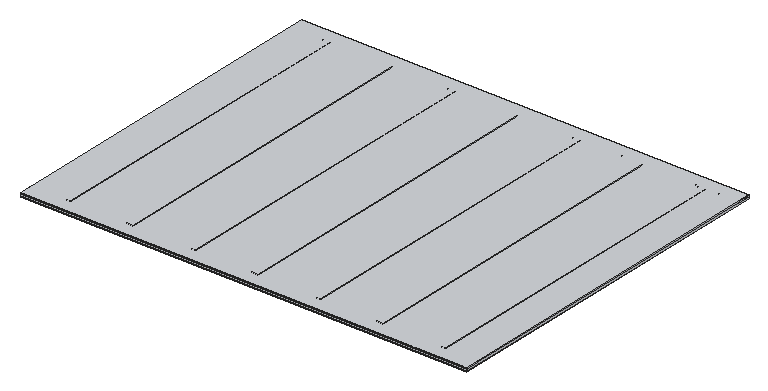
Revit family "GIS_BuildingRoof_MV", category Modelos genéricos, Revit 2027
Family settings
  Pode hospedar o vergalhão = Não
  Cota do conector redondo = Utilizar diâmetro
  Tipo de parte = Normal
  Com base no plano de trabalho = Não
  Sempre na vertical = Sim
  Corte com vazios quando carregada = Não
  Manter orientação da anotação = Não
  Compartilhado = Não
  Ponto de cálculo do ambiente = Não
Parameters (values of type "ROOF_MV_23M_EST")
  Elevação padrão = 0 mm
  BIM_TensaoSecundaria_kV = 0
  BIM_TensaoNominal_kV = 0
  BIM_TensaoClasse_kV = 0
  BIM_TensaoClasseSecundaria_kV = 0
  BIM_Sistema_Elemento [instance] = ""
  BIM_ReferenciaCatalogo = "Portfolio estimate; structural design, HVAC and weatherproofing pending"
  BIM_Profundidade = 18600 mm
  BIM_Potencia_MVA = 0
  BIM_Localizacao [instance] = ""
  BIM_Largura = 23600 mm
  BIM_Impedancia_pu = 0
  BIM_FonteGeometria = "Portfolio estimate; structural design, HVAC and weatherproofing pending"
  BIM_Fabricante = "NAO SELECIONADO"
  BIM_EstadoGeometria = "ESTIMATED"
  BIM_EstadoEspecificacao = "PREMISSA / NAO SELECIONADO"
  BIM_DescricaoEstudo = "Cobertura conceitual para edificio de cubiculos; estrutura, cargas, ventilacao e impermeabilizacao pendentes."
  BIM_CorrenteReferenciaSecundaria_A = 0
  BIM_CorrenteNominal_A = 0
  BIM_Bay [instance] = ""
  BIM_AlturaCorpoPrincipal = 180 mm
  BIM_Altura = 180 mm
Reference planes
  plane 1 "Centro (Frente/Trás)": y = 0
  plane 2: z = 0
  plane 3 "Centro (Esquerda/Direita)": x = 0
  plane 4 "BIM Left": x = -11800
  plane 5 "BIM Right": x = 11800
  plane 6 "BIM Front": y = -9300
  plane 7 "BIM Back": y = 9300
Forms (mm)
  Extrusion 1, solid
    sketch origin (0, 0, 0) x (1, 0, 0) y (0, 1, 0)
      loop
        line (-11800, -9300) -> (11800, -9300) -> (11800, 9300) -> (-11800, 9300) -> (-11800, -9300)
    from 0 to 180 <- "BIM_AlturaCorpoPrincipal"
  Extrusion 2, solid
    sketch origin (0, 0, 14.4) x (1, 0, 0) y (0, 1, 0)
      loop
        line (-11800, -9300) -> (11800, -9300) -> (11800, 9300) -> (-11800, 9300) -> (-11800, -9300)
    from 0 to 93.6
  Extrusion 3, solid
    sketch origin (0, 0, 108) x (1, 0, 0) y (0, 1, 0)
      loop
        line (-10079.4, -8556) -> (-9744.6, -8556) -> (-9744.6, 8556) -> (-10079.4, 8556) -> (-10079.4, -8556)
    from 0 to 61.2
  Extrusion 4, solid
    sketch origin (0, 0, 108) x (1, 0, 0) y (0, 1, 0)
      loop
        line (-6775.4, -8556) -> (-6440.6, -8556) -> (-6440.6, 8556) -> (-6775.4, 8556) -> (-6775.4, -8556)
    from 0 to 61.2
  Extrusion 5, solid
    sketch origin (0, 0, 108) x (1, 0, 0) y (0, 1, 0)
      loop
        line (-3471.4, -8556) -> (-3136.6, -8556) -> (-3136.6, 8556) -> (-3471.4, 8556) -> (-3471.4, -8556)
    from 0 to 61.2
  Extrusion 6, solid
    sketch origin (0, 0, 108) x (1, 0, 0) y (0, 1, 0)
      loop
        line (-167.4, -8556) -> (167.4, -8556) -> (167.4, 8556) -> (-167.4, 8556) -> (-167.4, -8556)
    from 0 to 61.2
  Extrusion 7, solid
    sketch origin (0, 0, 108) x (1, 0, 0) y (0, 1, 0)
      loop
        line (3136.6, -8556) -> (3471.4, -8556) -> (3471.4, 8556) -> (3136.6, 8556) -> (3136.6, -8556)
    from 0 to 61.2
  Extrusion 8, solid
    sketch origin (0, 0, 108) x (1, 0, 0) y (0, 1, 0)
      loop
        line (6440.6, -8556) -> (6775.4, -8556) -> (6775.4, 8556) -> (6440.6, 8556) -> (6440.6, -8556)
    from 0 to 61.2
  Extrusion 9, solid
    sketch origin (0, 0, 108) x (1, 0, 0) y (0, 1, 0)
      loop
        line (9744.6, -8556) -> (10079.4, -8556) -> (10079.4, 8556) -> (9744.6, 8556) -> (9744.6, -8556)
    from 0 to 61.2
  Extrusion 10, solid
    sketch origin (0, 0, 108) x (1, 0, 0) y (0, 1, 0)
      loop
        line (-11800, -9300) -> (11800, -9300) -> (11800, -8649) -> (-11800, -8649) -> (-11800, -9300)
    from 0 to 61.2
  Extrusion 11, solid
    sketch origin (0, 0, 108) x (1, 0, 0) y (0, 1, 0)
      loop
        line (-11800, 8649) -> (11800, 8649) -> (11800, 9300) -> (-11800, 9300) -> (-11800, 8649)
    from 0 to 61.2
Dimensions and locks
  "BIM_Largura": plane 4 "BIM Left" to plane 5 "BIM Right"
  "BIM_Profundidade": plane 6 "BIM Front" to plane 7 "BIM Back"
  aligned and locked: level to plane 2
  aligned and locked: plane 4 "BIM Left" to Extrusion 1
  aligned and locked: Extrusion 1 to plane 5 "BIM Right"
  aligned and locked: Extrusion 1 to plane 6 "BIM Front"
  aligned and locked: plane 7 "BIM Back" to Extrusion 1
Automatic sketch dimensions
  Extrusion 1 sketch curve to plane 4 "BIM Left" = 0 mm
  Extrusion 1 sketch curve to plane 5 "BIM Right" = 0 mm
  Extrusion 1 sketch curve to plane 6 "BIM Front" = 0 mm
  Extrusion 1 sketch curve to plane 7 "BIM Back" = 0 mm
  Extrusion 2 sketch curve to plane 4 "BIM Left" = 0 mm
  Extrusion 2 sketch curve to plane 5 "BIM Right" = 0 mm
  Extrusion 2 sketch curve to plane 6 "BIM Front" = 0 mm
  Extrusion 2 sketch curve to plane 7 "BIM Back" = 0 mm
  plane 6 "BIM Front" to Extrusion 3 sketch curve = 744 mm
  Extrusion 3 sketch curve to plane 4 "BIM Left" = 1720.6 mm
  Extrusion 3 sketch curve to Extrusion 3 sketch curve = 334.8 mm
  Extrusion 3 sketch curve to plane 7 "BIM Back" = 744 mm
  plane 6 "BIM Front" to Extrusion 4 sketch curve = 744 mm
  Extrusion 4 sketch curve to plane 4 "BIM Left" = 5024.6 mm
  Extrusion 4 sketch curve to Extrusion 4 sketch curve = 334.8 mm
  Extrusion 4 sketch curve to plane 7 "BIM Back" = 744 mm
  plane 6 "BIM Front" to Extrusion 5 sketch curve = 744 mm
  Extrusion 5 sketch curve to plane 3 "Centro (Esquerda/Direita)" = 3471.4 mm
  Extrusion 5 sketch curve to Extrusion 5 sketch curve = 334.8 mm
  Extrusion 5 sketch curve to plane 7 "BIM Back" = 744 mm
  Extrusion 6 sketch curve to plane 3 "Centro (Esquerda/Direita)" = 167.4 mm
  plane 3 "Centro (Esquerda/Direita)" to Extrusion 6 sketch curve = 167.4 mm
  plane 6 "BIM Front" to Extrusion 6 sketch curve = 744 mm
  Extrusion 6 sketch curve to plane 7 "BIM Back" = 744 mm
  plane 6 "BIM Front" to Extrusion 7 sketch curve = 744 mm
  plane 3 "Centro (Esquerda/Direita)" to Extrusion 7 sketch curve = 3136.6 mm
  Extrusion 7 sketch curve to Extrusion 7 sketch curve = 334.8 mm
  Extrusion 7 sketch curve to plane 7 "BIM Back" = 744 mm
  plane 6 "BIM Front" to Extrusion 8 sketch curve = 744 mm
  plane 5 "BIM Right" to Extrusion 8 sketch curve = 5359.4 mm
  Extrusion 8 sketch curve to Extrusion 8 sketch curve = 334.8 mm
  Extrusion 8 sketch curve to plane 7 "BIM Back" = 744 mm
  plane 6 "BIM Front" to Extrusion 9 sketch curve = 744 mm
  plane 5 "BIM Right" to Extrusion 9 sketch curve = 2055.4 mm
  Extrusion 9 sketch curve to Extrusion 9 sketch curve = 334.8 mm
  Extrusion 9 sketch curve to plane 7 "BIM Back" = 744 mm
  Extrusion 10 sketch curve to plane 4 "BIM Left" = 0 mm
  Extrusion 10 sketch curve to plane 5 "BIM Right" = 0 mm
  Extrusion 10 sketch curve to plane 6 "BIM Front" = 0 mm
  plane 6 "BIM Front" to Extrusion 10 sketch curve = 651 mm
  Extrusion 11 sketch curve to plane 4 "BIM Left" = 0 mm
  Extrusion 11 sketch curve to plane 5 "BIM Right" = 0 mm
  Extrusion 11 sketch curve to plane 7 "BIM Back" = 0 mm
  Extrusion 11 sketch curve to Extrusion 11 sketch curve = 651 mm
